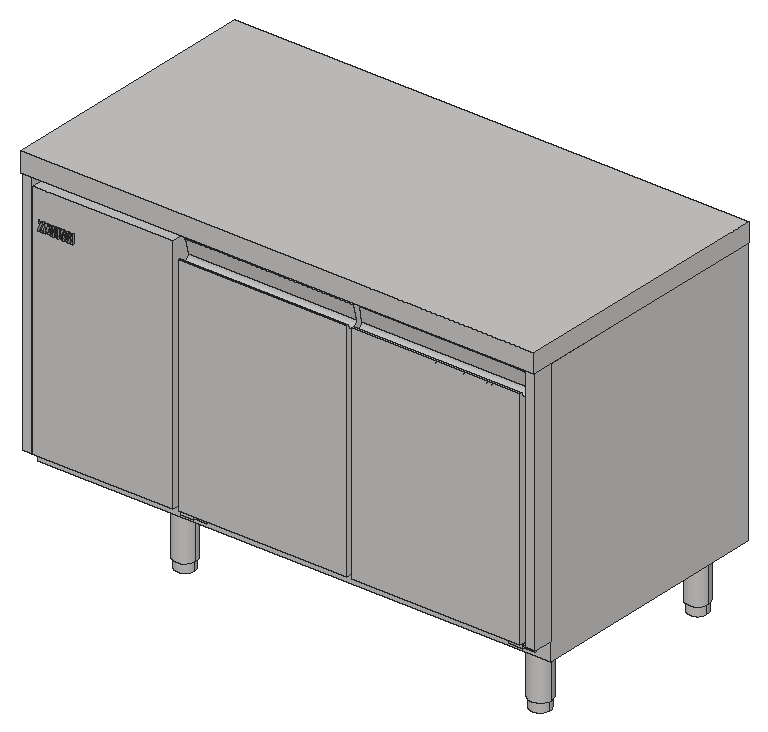
Revit family "QF_ZANUSSI_713060_ZHF2BL", category Attrezzature speciali, Revit 2018 (continued)
Definition of nested family "HPP_ZAN_BI_BT_L"
  Automatic sketch dimensions
    Split face 116 sketch curve to Split face 116 sketch curve = 42 mm
    Split face 116 sketch curve to Extrusion 2 = 48.174 mm
    Split face 116 sketch curve to Split face 116 sketch curve = 4 mm
    Split face 117 sketch curve to Extrusion 2 = 68.044 mm
    Split face 117 sketch curve to Extrusion 2 = 26.044 mm
    Split face 117 sketch curve to Extrusion 2 = 48.174 mm
    Split face 117 sketch curve to Split face 117 sketch curve = 4 mm
    Split face 118 sketch curve to Extrusion 2 = 80.956 mm
    Split face 118 sketch curve to Split face 118 sketch curve = 42 mm
    Split face 118 sketch curve to Extrusion 2 = 48.174 mm
    Split face 118 sketch curve to Split face 118 sketch curve = 4 mm
    Split face 119 sketch curve to Extrusion 2 = 56.174 mm
    Split face 119 sketch curve to Extrusion 2 = 123.044 mm
    Split face 119 sketch curve to Split face 119 sketch curve = 42 mm
    Split face 119 sketch curve to Split face 119 sketch curve = 4 mm
    Split face 120 sketch curve to Extrusion 2 = 25.956 mm
    Split face 120 sketch curve to Split face 120 sketch curve = 42 mm
    Split face 120 sketch curve to Extrusion 2 = 36.174 mm
    Split face 120 sketch curve to Split face 120 sketch curve = 4 mm
    Split face 121 sketch curve to Extrusion 2 = 44.174 mm
    Split face 121 sketch curve to Extrusion 2 = 68.044 mm
    Split face 121 sketch curve to Extrusion 2 = 26.044 mm
    Split face 121 sketch curve to Split face 121 sketch curve = 4 mm
    Split face 122 sketch curve to Extrusion 2 = 44.174 mm
    Split face 122 sketch curve to Extrusion 2 = 80.956 mm
    Split face 122 sketch curve to Split face 122 sketch curve = 42 mm
    Split face 122 sketch curve to Split face 122 sketch curve = 4 mm
    Split face 123 sketch curve to Extrusion 2 = 44.174 mm
    Split face 123 sketch curve to Extrusion 2 = 123.044 mm
    Split face 123 sketch curve to Split face 123 sketch curve = 42 mm
    Split face 123 sketch curve to Split face 123 sketch curve = 4 mm
    Split face 124 sketch curve to Extrusion 2 = 25.956 mm
    Split face 124 sketch curve to Split face 124 sketch curve = 42 mm
    Split face 124 sketch curve to Extrusion 2 = 24.174 mm
    Split face 124 sketch curve to Split face 124 sketch curve = 4 mm
    Split face 125 sketch curve to Extrusion 2 = 32.174 mm
    Split face 125 sketch curve to Extrusion 2 = 68.044 mm
    Split face 125 sketch curve to Extrusion 2 = 26.044 mm
    Split face 125 sketch curve to Split face 125 sketch curve = 4 mm
    Split face 126 sketch curve to Extrusion 2 = 32.174 mm
    Split face 126 sketch curve to Extrusion 2 = 80.956 mm
    Split face 126 sketch curve to Split face 126 sketch curve = 42 mm
    Split face 126 sketch curve to Split face 126 sketch curve = 4 mm
    Split face 127 sketch curve to Extrusion 2 = 32.174 mm
    Split face 127 sketch curve to Extrusion 2 = 123.044 mm
    Split face 127 sketch curve to Split face 127 sketch curve = 42 mm
    Split face 127 sketch curve to Split face 127 sketch curve = 4 mm
    Split face 128 sketch curve to Extrusion 2 = 25.956 mm
    Split face 128 sketch curve to Extrusion 2 = 16.174 mm
    Split face 128 sketch curve to Split face 128 sketch curve = 42 mm
    Split face 128 sketch curve to Split face 128 sketch curve = 4 mm
    Split face 129 sketch curve to Extrusion 2 = 20.174 mm
    Split face 129 sketch curve to Extrusion 2 = 68.044 mm
    Split face 129 sketch curve to Extrusion 2 = 26.044 mm
    Split face 129 sketch curve to Split face 129 sketch curve = 4 mm
    Split face 130 sketch curve to Extrusion 2 = 20.174 mm
    Split face 130 sketch curve to Extrusion 2 = 80.956 mm
    Split face 130 sketch curve to Extrusion 2 = 16.174 mm
    Split face 130 sketch curve to Split face 130 sketch curve = 42 mm
    Split face 131 sketch curve to Extrusion 2 = 20.174 mm
    Split face 131 sketch curve to Extrusion 2 = 123.044 mm
    Split face 131 sketch curve to Extrusion 2 = 16.174 mm
    Split face 131 sketch curve to Split face 131 sketch curve = 42 mm
    plane 4 to Extrusion 3 sketch curve = 17.166 mm
    Extrusion 3 sketch curve to Extrusion 3 sketch curve = 0.562 mm
    Extrusion 3 sketch curve to Extrusion 3 sketch curve = 5.406 mm
    Extrusion 3 sketch curve to Extrusion 3 sketch curve = 6.457 mm
    Extrusion 3 sketch curve to Extrusion 3 sketch curve = 5.755 mm
    Extrusion 3 sketch curve to Extrusion 3 sketch curve = 7.368 mm
    Extrusion 3 sketch curve to Extrusion 3 sketch curve = 0.734 mm
    Extrusion 3 sketch curve to Extrusion 3 sketch curve = 5.086 mm
    Extrusion 3 sketch curve to Extrusion 3 sketch curve = 5.054 mm
    Extrusion 3 sketch curve to Extrusion 3 sketch curve = 0.702 mm  (x4)
    Extrusion 3 sketch curve to Extrusion 3 sketch curve = 0.561 mm
    Extrusion 3 sketch curve to Extrusion 3 sketch curve = 3.369 mm  (x2)
    Extrusion 3 sketch curve to Extrusion 3 sketch curve = 2.807 mm
    Extrusion 3 sketch curve to Extrusion 3 sketch curve = 4.071 mm  (x2)
    Extrusion 3 sketch curve to Extrusion 3 sketch curve = 5.053 mm
    Extrusion 3 sketch curve to Extrusion 3 sketch curve = 5.114 mm
    Extrusion 3 sketch curve to Extrusion 3 sketch curve = 4.352 mm  (x2)
    Extrusion 3 sketch curve to Extrusion 3 sketch curve = 5.194 mm
    Extrusion 3 sketch curve to Extrusion 3 sketch curve = 4.913 mm  (x6)
    Extrusion 3 sketch curve to Extrusion 3 sketch curve = 5.334 mm
    Extrusion 3 sketch curve to Extrusion 3 sketch curve = 1.123 mm
    Extrusion 3 sketch curve to Extrusion 3 sketch curve = 1.444 mm
    Extrusion 3 sketch curve to Extrusion 3 sketch curve = 0.094 mm
    Extrusion 3 sketch curve to Extrusion 3 sketch curve = 2.948 mm
    Extrusion 3 sketch curve to Extrusion 3 sketch curve = 1.825 mm
    Extrusion 3 sketch curve to Extrusion 3 sketch curve = 3.004 mm
    Extrusion 3 sketch curve to Extrusion 3 sketch curve = 4.058 mm  (x2)
    Extrusion 3 sketch curve to Extrusion 3 sketch curve = 2.478 mm  (x2)
    Extrusion 3 sketch curve to Extrusion 3 sketch curve = 0.121 mm  (x4)
    Extrusion 3 sketch curve to Extrusion 3 sketch curve = 1.228 mm  (x2)
    Extrusion 3 sketch curve to Extrusion 3 sketch curve = 2.118 mm  (x2)
    Extrusion 3 sketch curve to Extrusion 3 sketch curve = 1.578 mm  (x2)
    Extrusion 3 sketch curve to Extrusion 3 sketch curve = 0.128 mm  (x2)
    Extrusion 3 sketch curve to Extrusion 3 sketch curve = 0.564 mm  (x2)
    Extrusion 3 sketch curve to Extrusion 3 sketch curve = 0.622 mm  (x2)
    Extrusion 3 sketch curve to Extrusion 3 sketch curve = 0.31 mm  (x2)
    Extrusion 3 sketch curve to Extrusion 3 sketch curve = 1.171 mm  (x2)
    Extrusion 3 sketch curve to Extrusion 3 sketch curve = 0.512 mm  (x2)
    Extrusion 3 sketch curve to Extrusion 3 sketch curve = 0.123 mm  (x2)
    Extrusion 3 sketch curve to Extrusion 3 sketch curve = 0.02 mm  (x2)
    Extrusion 3 sketch curve to Extrusion 3 sketch curve = 1.774 mm  (x2)
    Extrusion 3 sketch curve to Extrusion 3 sketch curve = 1.52 mm
    Extrusion 3 sketch curve to Extrusion 3 sketch curve = 1.351 mm
    Extrusion 3 sketch curve to Extrusion 3 sketch curve = 4.632 mm  (x3)
    Extrusion 3 sketch curve to Extrusion 3 sketch curve = 0.076 mm  (x2)
    Extrusion 3 sketch curve to Extrusion 3 sketch curve = 3.79 mm
    Extrusion 3 sketch curve to Extrusion 3 sketch curve = 0.099 mm
    Extrusion 3 sketch curve to Extrusion 3 sketch curve = 1.668 mm
    Extrusion 3 sketch curve to Extrusion 3 sketch curve = 2.203 mm
    Extrusion 3 sketch curve to Extrusion 3 sketch curve = 2.87 mm
    Extrusion 3 sketch curve to Extrusion 3 sketch curve = 0.944 mm
    Extrusion 3 sketch curve to Extrusion 3 sketch curve = 5.408 mm
    Extrusion 3 sketch curve to Extrusion 3 sketch curve = 0.724 mm
    Extrusion 3 sketch curve to plane 6 = 98.623 mm
    Extrusion 3 sketch curve to Extrusion 3 sketch curve = 0 mm  (x13)
    Extrusion 3 sketch curve to Extrusion 3 sketch curve = 3.713 mm
    Extrusion 3 sketch curve to Extrusion 3 sketch curve = 1.341 mm
    Extrusion 3 sketch curve to Extrusion 3 sketch curve = 0.181 mm
    Extrusion 3 sketch curve to Extrusion 3 sketch curve = 2.372 mm  (x2)
    Extrusion 3 sketch curve to Extrusion 3 sketch curve = 0.043 mm  (x2)
    Extrusion 3 sketch curve to Extrusion 3 sketch curve = 0.08 mm  (x2)
    Extrusion 3 sketch curve to Extrusion 3 sketch curve = 6.582 mm
    Extrusion 3 sketch curve to Extrusion 3 sketch curve = 2.869 mm
    Extrusion 3 sketch curve to Extrusion 3 sketch curve = 0.739 mm  (x2)
    Extrusion 3 sketch curve to Extrusion 3 sketch curve = 1.344 mm  (x2)
    Extrusion 3 sketch curve to Extrusion 3 sketch curve = 0.997 mm
    Extrusion 3 sketch curve to Extrusion 3 sketch curve = 1.644 mm
    Extrusion 3 sketch curve to Extrusion 3 sketch curve = 1.841 mm
    Extrusion 3 sketch curve to Extrusion 3 sketch curve = 0.915 mm
    Extrusion 3 sketch curve to Extrusion 3 sketch curve = 2.767 mm
    Extrusion 3 sketch curve to Extrusion 3 sketch curve = 1.036 mm  (x2)
    Extrusion 3 sketch curve to Extrusion 3 sketch curve = 1.835 mm  (x2)
    Extrusion 3 sketch curve to Extrusion 3 sketch curve = 3.155 mm
    Extrusion 3 sketch curve to Extrusion 3 sketch curve = 4.449 mm
    Extrusion 3 sketch curve to Extrusion 3 sketch curve = 7.159 mm
    Extrusion 3 sketch curve to Extrusion 3 sketch curve = 4.846 mm  (x2)
    Extrusion 3 sketch curve to Extrusion 3 sketch curve = 5.13 mm
    Extrusion 3 sketch curve to Extrusion 3 sketch curve = 0.393 mm  (x2)
    Extrusion 3 sketch curve to Extrusion 3 sketch curve = 1.409 mm  (x2)
    Extrusion 3 sketch curve to Extrusion 3 sketch curve = 2.182 mm  (x2)
    Extrusion 3 sketch curve to Extrusion 3 sketch curve = 0.905 mm  (x2)
    Extrusion 3 sketch curve to Extrusion 3 sketch curve = 1.201 mm  (x2)
    Extrusion 3 sketch curve to Extrusion 3 sketch curve = 0.022 mm  (x2)
    Extrusion 3 sketch curve to Extrusion 3 sketch curve = 0.182 mm  (x2)
    Extrusion 3 sketch curve to Extrusion 3 sketch curve = 14.599 mm
    Extrusion 3 sketch curve to Extrusion 3 sketch curve = 0.14 mm
    Extrusion 3 sketch curve to Extrusion 3 sketch curve = 10.917 mm
    Extrusion 3 sketch curve to Extrusion 3 sketch curve = 0.281 mm
    Extrusion 3 sketch curve to Extrusion 3 sketch curve = 0.45 mm  (x2)
    Extrusion 3 sketch curve to Extrusion 3 sketch curve = 8.142 mm
    Extrusion 3 sketch curve to Extrusion 3 sketch curve = 4.492 mm
    Extrusion 3 sketch curve to Extrusion 3 sketch curve = 0.593 mm
    Extrusion 3 sketch curve to Extrusion 3 sketch curve = 4.345 mm
    Extrusion 3 sketch curve to Extrusion 3 sketch curve = 0.9 mm  (x2)
    Extrusion 3 sketch curve to Extrusion 3 sketch curve = 3.017 mm
    Extrusion 3 sketch curve to Extrusion 3 sketch curve = 0.952 mm  (x2)
    Extrusion 3 sketch curve to Extrusion 3 sketch curve = 1.658 mm
    Extrusion 3 sketch curve to Extrusion 3 sketch curve = 1.516 mm
    Split face 132 sketch curve to Extrusion 2 = 44.591 mm
    Split face 132 sketch curve to Extrusion 2 = 79.124 mm
    Split face 132 sketch curve to Split face 132 sketch curve = 36.471 mm
    Split face 132 sketch curve to Split face 132 sketch curve = 29.3 mm
    Split face 132 sketch curve to Split face 132 sketch curve = 19.479 mm
    Split face 132 sketch curve to Split face 132 sketch curve = 15.459 mm
    Split face 132 sketch curve to Split face 132 sketch curve = 0 mm
    Split face 132 sketch curve to Split face 132 sketch curve = 17.186 mm
    Split face 133 sketch curve to Extrusion 2 = 49.463 mm
    Split face 133 sketch curve to Extrusion 2 = 79.643 mm
    Split face 133 sketch curve to Split face 133 sketch curve = 36.278 mm
    Split face 133 sketch curve to Split face 133 sketch curve = 25.875 mm
    Split face 133 sketch curve to Split face 133 sketch curve = 7.776 mm
    Split face 133 sketch curve to Split face 133 sketch curve = 17.461 mm
    Split face 133 sketch curve to Split face 133 sketch curve = 0 mm
    Split face 133 sketch curve to Split face 133 sketch curve = 18.204 mm
    Split face 134 sketch curve to Extrusion 2 = 55.5 mm
    Split face 134 sketch curve to Split face 134 sketch curve = 7.5 mm  (x2)
    Split face 134 sketch curve to Extrusion 2 = 85.5 mm
    Split face 135 sketch curve to Extrusion 2 = 65 mm
    Split face 135 sketch curve to Split face 135 sketch curve = 7.5 mm  (x2)
    Split face 135 sketch curve to Extrusion 2 = 85.5 mm
    Split face 136 sketch curve to Extrusion 2 = 65 mm
    Split face 136 sketch curve to Split face 136 sketch curve = 7.5 mm  (x2)
    Split face 136 sketch curve to Extrusion 2 = 95 mm
    Split face 137 sketch curve to Extrusion 2 = 55.5 mm
    Split face 137 sketch curve to Split face 137 sketch curve = 7.5 mm  (x2)
    Split face 137 sketch curve to Extrusion 2 = 95 mm
    Split face 138 sketch curve to Extrusion 2 = 178.044 mm
    Split face 138 sketch curve to Split face 138 sketch curve = 42 mm
    Split face 138 sketch curve to Extrusion 2 = 128.176 mm
    Split face 138 sketch curve to Split face 138 sketch curve = 4 mm
    Split face 139 sketch curve to Extrusion 2 = 178.044 mm
    Split face 139 sketch curve to Split face 139 sketch curve = 42 mm
    Split face 139 sketch curve to Extrusion 2 = 140.176 mm
    Split face 139 sketch curve to Split face 139 sketch curve = 4 mm
    Split face 140 sketch curve to Extrusion 2 = 178.044 mm
    Split face 140 sketch curve to Split face 140 sketch curve = 42 mm
    Split face 140 sketch curve to Extrusion 2 = 152.176 mm
    Split face 140 sketch curve to Split face 140 sketch curve = 4 mm
    Split face 141 sketch curve to Extrusion 2 = 178.044 mm
    Split face 141 sketch curve to Split face 141 sketch curve = 42 mm
    Split face 141 sketch curve to Extrusion 2 = 164.176 mm
    Split face 141 sketch curve to Split face 141 sketch curve = 4 mm
    Split face 142 sketch curve to Extrusion 2 = 178.044 mm
    Split face 142 sketch curve to Split face 142 sketch curve = 42 mm
    Split face 142 sketch curve to Extrusion 2 = 176.176 mm
    Split face 142 sketch curve to Split face 142 sketch curve = 4 mm
    Split face 143 sketch curve to Extrusion 2 = 178.044 mm
    Split face 143 sketch curve to Split face 143 sketch curve = 42 mm
    Split face 143 sketch curve to Extrusion 2 = 188.176 mm
    Split face 143 sketch curve to Split face 143 sketch curve = 4 mm
    Split face 144 sketch curve to Extrusion 2 = 178.044 mm
    Split face 144 sketch curve to Split face 144 sketch curve = 42 mm
    Split face 144 sketch curve to Extrusion 2 = 200.176 mm
    Split face 144 sketch curve to Split face 144 sketch curve = 4 mm
    Split face 145 sketch curve to Extrusion 2 = 178.044 mm
    Split face 145 sketch curve to Split face 145 sketch curve = 42 mm
    Split face 145 sketch curve to Extrusion 2 = 212.176 mm
    Split face 145 sketch curve to Split face 145 sketch curve = 4 mm
    Split face 146 sketch curve to Extrusion 2 = 178.044 mm
    Split face 146 sketch curve to Split face 146 sketch curve = 42 mm
    Split face 146 sketch curve to Extrusion 2 = 224.176 mm
    Split face 146 sketch curve to Split face 146 sketch curve = 4 mm
    Split face 147 sketch curve to Extrusion 2 = 178.044 mm
    Split face 147 sketch curve to Split face 147 sketch curve = 42 mm
    Split face 147 sketch curve to Extrusion 2 = 236.176 mm
    Split face 147 sketch curve to Split face 147 sketch curve = 4 mm
    Split face 148 sketch curve to Extrusion 2 = 178.044 mm
    Split face 148 sketch curve to Split face 148 sketch curve = 42 mm
    Split face 148 sketch curve to Extrusion 2 = 248.176 mm
    Split face 148 sketch curve to Split face 148 sketch curve = 4 mm
    Split face 149 sketch curve to Extrusion 2 = 178.044 mm
    Split face 149 sketch curve to Split face 149 sketch curve = 42 mm
    Split face 149 sketch curve to Extrusion 2 = 260.176 mm
    Split face 149 sketch curve to Split face 149 sketch curve = 4 mm
    Split face 150 sketch curve to Extrusion 2 = 178.044 mm
    Split face 150 sketch curve to Split face 150 sketch curve = 42 mm
    Split face 150 sketch curve to Extrusion 2 = 272.176 mm
    Split face 150 sketch curve to Split face 150 sketch curve = 4 mm
    Split face 151 sketch curve to Extrusion 2 = 178.044 mm
    Split face 151 sketch curve to Split face 151 sketch curve = 42 mm
    Split face 151 sketch curve to Extrusion 2 = 284.176 mm
    Split face 151 sketch curve to Split face 151 sketch curve = 4 mm
    Split face 152 sketch curve to Extrusion 2 = 178.044 mm
    Split face 152 sketch curve to Split face 152 sketch curve = 42 mm
    Split face 152 sketch curve to Extrusion 2 = 296.176 mm
    Split face 152 sketch curve to Split face 152 sketch curve = 4 mm
    Split face 153 sketch curve to Extrusion 2 = 178.044 mm
    Split face 153 sketch curve to Split face 153 sketch curve = 42 mm
    Split face 153 sketch curve to Extrusion 2 = 308.176 mm
    Split face 153 sketch curve to Split face 153 sketch curve = 4 mm
    Split face 154 sketch curve to Extrusion 2 = 178.044 mm
    Split face 154 sketch curve to Split face 154 sketch curve = 42 mm
    Split face 154 sketch curve to Extrusion 2 = 192.174 mm
    Split face 154 sketch curve to Split face 154 sketch curve = 4 mm
    Split face 155 sketch curve to Extrusion 2 = 178.044 mm
    Split face 155 sketch curve to Split face 155 sketch curve = 42 mm
    Split face 155 sketch curve to Extrusion 2 = 180.174 mm
    Split face 155 sketch curve to Split face 155 sketch curve = 4 mm
    Split face 156 sketch curve to Extrusion 2 = 178.044 mm
    Split face 156 sketch curve to Split face 156 sketch curve = 42 mm
    Split face 156 sketch curve to Extrusion 2 = 168.174 mm
    Split face 156 sketch curve to Split face 156 sketch curve = 4 mm
    Split face 157 sketch curve to Extrusion 2 = 178.044 mm
    Split face 157 sketch curve to Split face 157 sketch curve = 42 mm
    Split face 157 sketch curve to Extrusion 2 = 156.174 mm
    Split face 157 sketch curve to Split face 157 sketch curve = 4 mm
    Split face 158 sketch curve to Extrusion 2 = 178.044 mm
    Split face 158 sketch curve to Split face 158 sketch curve = 42 mm
    Split face 158 sketch curve to Extrusion 2 = 144.174 mm
    Split face 158 sketch curve to Split face 158 sketch curve = 4 mm
    Split face 159 sketch curve to Extrusion 2 = 178.044 mm
    Split face 159 sketch curve to Split face 159 sketch curve = 42 mm
    Split face 159 sketch curve to Extrusion 2 = 132.174 mm
    Split face 159 sketch curve to Split face 159 sketch curve = 4 mm
    Split face 160 sketch curve to Extrusion 2 = 178.044 mm
    Split face 160 sketch curve to Split face 160 sketch curve = 42 mm
    Split face 160 sketch curve to Extrusion 2 = 120.174 mm
    Split face 160 sketch curve to Split face 160 sketch curve = 4 mm
    Split face 161 sketch curve to Extrusion 2 = 116.174 mm
    Split face 161 sketch curve to Extrusion 2 = 178.044 mm
    Split face 161 sketch curve to Split face 161 sketch curve = 42 mm
    Split face 161 sketch curve to Split face 161 sketch curve = 4 mm
    Split face 162 sketch curve to Extrusion 2 = 104.174 mm
    Split face 162 sketch curve to Extrusion 2 = 178.044 mm
    Split face 162 sketch curve to Split face 162 sketch curve = 42 mm
    Split face 162 sketch curve to Split face 162 sketch curve = 4 mm
    Split face 163 sketch curve to Extrusion 2 = 92.174 mm
    Split face 163 sketch curve to Extrusion 2 = 178.044 mm
    Split face 163 sketch curve to Split face 163 sketch curve = 42 mm
    Split face 163 sketch curve to Split face 163 sketch curve = 4 mm
    Split face 164 sketch curve to Extrusion 2 = 80.174 mm
    Split face 164 sketch curve to Extrusion 2 = 178.044 mm
    Split face 164 sketch curve to Split face 164 sketch curve = 42 mm
    Split face 164 sketch curve to Split face 164 sketch curve = 4 mm
    Split face 165 sketch curve to Extrusion 2 = 68.174 mm
    Split face 165 sketch curve to Extrusion 2 = 178.044 mm
    Split face 165 sketch curve to Split face 165 sketch curve = 42 mm
    Split face 165 sketch curve to Split face 165 sketch curve = 4 mm
    Split face 166 sketch curve to Extrusion 2 = 56.174 mm
    Split face 166 sketch curve to Extrusion 2 = 178.044 mm
    Split face 166 sketch curve to Split face 166 sketch curve = 42 mm
    Split face 166 sketch curve to Split face 166 sketch curve = 4 mm
    Split face 167 sketch curve to Extrusion 2 = 44.174 mm
    Split face 167 sketch curve to Extrusion 2 = 178.044 mm
    Split face 167 sketch curve to Split face 167 sketch curve = 42 mm
    Split face 167 sketch curve to Split face 167 sketch curve = 4 mm
    Split face 168 sketch curve to Extrusion 2 = 32.174 mm
    Split face 168 sketch curve to Extrusion 2 = 178.044 mm
    Split face 168 sketch curve to Split face 168 sketch curve = 42 mm
    Split face 168 sketch curve to Split face 168 sketch curve = 4 mm
    Split face 169 sketch curve to Extrusion 2 = 20.174 mm
    Split face 169 sketch curve to Extrusion 2 = 178.044 mm
    Split face 169 sketch curve to Extrusion 2 = 16.174 mm
    Split face 169 sketch curve to Split face 169 sketch curve = 42 mm
    Split face 170 sketch curve to Extrusion 2 = 135.956 mm
    Split face 170 sketch curve to Split face 170 sketch curve = 42 mm
    Split face 170 sketch curve to Extrusion 2 = 128.176 mm
    Split face 170 sketch curve to Split face 170 sketch curve = 4 mm
    Split face 171 sketch curve to Extrusion 2 = 135.956 mm
    Split face 171 sketch curve to Split face 171 sketch curve = 42 mm
    Split face 171 sketch curve to Extrusion 2 = 140.176 mm
    Split face 171 sketch curve to Split face 171 sketch curve = 4 mm
    Split face 172 sketch curve to Extrusion 2 = 135.956 mm
    Split face 172 sketch curve to Split face 172 sketch curve = 42 mm
    Split face 172 sketch curve to Extrusion 2 = 152.176 mm
    Split face 172 sketch curve to Split face 172 sketch curve = 4 mm
    Split face 173 sketch curve to Extrusion 2 = 135.956 mm
    Split face 173 sketch curve to Split face 173 sketch curve = 42 mm
    Split face 173 sketch curve to Extrusion 2 = 164.176 mm
    Split face 173 sketch curve to Split face 173 sketch curve = 4 mm
    Split face 174 sketch curve to Extrusion 2 = 135.956 mm
    Split face 174 sketch curve to Split face 174 sketch curve = 42 mm
    Split face 174 sketch curve to Extrusion 2 = 176.176 mm
    Split face 174 sketch curve to Split face 174 sketch curve = 4 mm
    Split face 175 sketch curve to Extrusion 2 = 135.956 mm
    Split face 175 sketch curve to Split face 175 sketch curve = 42 mm
    Split face 175 sketch curve to Extrusion 2 = 188.176 mm
    Split face 175 sketch curve to Split face 175 sketch curve = 4 mm
    Split face 176 sketch curve to Extrusion 2 = 135.956 mm
    Split face 176 sketch curve to Split face 176 sketch curve = 42 mm
    Split face 176 sketch curve to Extrusion 2 = 200.176 mm
    Split face 176 sketch curve to Split face 176 sketch curve = 4 mm
    Split face 177 sketch curve to Extrusion 2 = 135.956 mm
    Split face 177 sketch curve to Split face 177 sketch curve = 42 mm
    Split face 177 sketch curve to Extrusion 2 = 212.176 mm
    Split face 177 sketch curve to Split face 177 sketch curve = 4 mm
    Split face 178 sketch curve to Extrusion 2 = 135.956 mm
    Split face 178 sketch curve to Split face 178 sketch curve = 42 mm
    Split face 178 sketch curve to Extrusion 2 = 224.176 mm
    Split face 178 sketch curve to Split face 178 sketch curve = 4 mm
    Split face 179 sketch curve to Extrusion 2 = 135.956 mm
    Split face 179 sketch curve to Split face 179 sketch curve = 42 mm
    Split face 179 sketch curve to Extrusion 2 = 236.176 mm
    Split face 179 sketch curve to Split face 179 sketch curve = 4 mm
    Split face 180 sketch curve to Extrusion 2 = 135.956 mm
    Split face 180 sketch curve to Split face 180 sketch curve = 42 mm
    Split face 180 sketch curve to Extrusion 2 = 248.176 mm
    Split face 180 sketch curve to Split face 180 sketch curve = 4 mm
    Split face 181 sketch curve to Extrusion 2 = 135.956 mm
    Split face 181 sketch curve to Split face 181 sketch curve = 42 mm
    Split face 181 sketch curve to Extrusion 2 = 260.176 mm
    Split face 181 sketch curve to Split face 181 sketch curve = 4 mm
    Split face 182 sketch curve to Extrusion 2 = 135.956 mm
    Split face 182 sketch curve to Split face 182 sketch curve = 42 mm
    Split face 182 sketch curve to Extrusion 2 = 272.176 mm
    Split face 182 sketch curve to Split face 182 sketch curve = 4 mm
    Split face 183 sketch curve to Extrusion 2 = 135.956 mm
    Split face 183 sketch curve to Split face 183 sketch curve = 42 mm
    Split face 183 sketch curve to Extrusion 2 = 284.176 mm
    Split face 183 sketch curve to Split face 183 sketch curve = 4 mm
    Split face 184 sketch curve to Extrusion 2 = 135.956 mm
    Split face 184 sketch curve to Split face 184 sketch curve = 42 mm
    Split face 184 sketch curve to Extrusion 2 = 296.176 mm
    Split face 184 sketch curve to Split face 184 sketch curve = 4 mm
    Split face 185 sketch curve to Extrusion 2 = 135.956 mm
    Split face 185 sketch curve to Split face 185 sketch curve = 42 mm
    Split face 185 sketch curve to Extrusion 2 = 308.176 mm
    Split face 185 sketch curve to Split face 185 sketch curve = 4 mm
    Split face 186 sketch curve to Extrusion 2 = 135.956 mm
    Split face 186 sketch curve to Split face 186 sketch curve = 42 mm
    Split face 186 sketch curve to Extrusion 2 = 192.174 mm
    Split face 186 sketch curve to Split face 186 sketch curve = 4 mm
    Split face 187 sketch curve to Extrusion 2 = 135.956 mm
    Split face 187 sketch curve to Split face 187 sketch curve = 42 mm
    Split face 187 sketch curve to Extrusion 2 = 180.174 mm
    Split face 187 sketch curve to Split face 187 sketch curve = 4 mm
    Split face 188 sketch curve to Extrusion 2 = 135.956 mm
    Split face 188 sketch curve to Split face 188 sketch curve = 42 mm
    Split face 188 sketch curve to Extrusion 2 = 168.174 mm
    Split face 188 sketch curve to Split face 188 sketch curve = 4 mm
    Split face 189 sketch curve to Extrusion 2 = 135.956 mm
    Split face 189 sketch curve to Split face 189 sketch curve = 42 mm
    Split face 189 sketch curve to Extrusion 2 = 156.174 mm
    Split face 189 sketch curve to Split face 189 sketch curve = 4 mm
    Split face 190 sketch curve to Extrusion 2 = 135.956 mm
    Split face 190 sketch curve to Split face 190 sketch curve = 42 mm
    Split face 190 sketch curve to Extrusion 2 = 144.174 mm
    Split face 190 sketch curve to Split face 190 sketch curve = 4 mm
    Split face 191 sketch curve to Extrusion 2 = 135.956 mm
    Split face 191 sketch curve to Split face 191 sketch curve = 42 mm
    Split face 191 sketch curve to Extrusion 2 = 132.174 mm
    Split face 191 sketch curve to Split face 191 sketch curve = 4 mm
    Split face 192 sketch curve to Extrusion 2 = 135.956 mm
    Split face 192 sketch curve to Split face 192 sketch curve = 42 mm
    Split face 192 sketch curve to Extrusion 2 = 120.174 mm
    Split face 192 sketch curve to Split face 192 sketch curve = 4 mm
    Split face 193 sketch curve to Extrusion 2 = 135.956 mm
    Split face 193 sketch curve to Split face 193 sketch curve = 42 mm
    Split face 193 sketch curve to Extrusion 2 = 108.174 mm
    Split face 193 sketch curve to Split face 193 sketch curve = 4 mm
    Split face 194 sketch curve to Extrusion 2 = 135.956 mm
    Split face 194 sketch curve to Split face 194 sketch curve = 42 mm
    Split face 194 sketch curve to Extrusion 2 = 96.174 mm
    Split face 194 sketch curve to Split face 194 sketch curve = 4 mm
    Split face 195 sketch curve to Extrusion 2 = 135.956 mm
    Split face 195 sketch curve to Split face 195 sketch curve = 42 mm
    Split face 195 sketch curve to Extrusion 2 = 84.174 mm
    Split face 195 sketch curve to Split face 195 sketch curve = 4 mm
    Split face 196 sketch curve to Extrusion 2 = 80.174 mm
    Split face 196 sketch curve to Extrusion 2 = 135.956 mm
    Split face 196 sketch curve to Split face 196 sketch curve = 42 mm
    Split face 196 sketch curve to Split face 196 sketch curve = 4 mm
    Split face 197 sketch curve to Extrusion 2 = 68.174 mm
    Split face 197 sketch curve to Extrusion 2 = 135.956 mm
    Split face 197 sketch curve to Split face 197 sketch curve = 42 mm
    Split face 197 sketch curve to Split face 197 sketch curve = 4 mm
    Split face 198 sketch curve to Extrusion 2 = 56.174 mm
    Split face 198 sketch curve to Extrusion 2 = 135.956 mm
    Split face 198 sketch curve to Split face 198 sketch curve = 42 mm
    Split face 198 sketch curve to Split face 198 sketch curve = 4 mm
    Split face 199 sketch curve to Extrusion 2 = 44.174 mm
    Split face 199 sketch curve to Extrusion 2 = 135.956 mm
    Split face 199 sketch curve to Split face 199 sketch curve = 42 mm
    Split face 199 sketch curve to Split face 199 sketch curve = 4 mm
    Split face 200 sketch curve to Extrusion 2 = 32.174 mm
    Split face 200 sketch curve to Extrusion 2 = 135.956 mm
    Split face 200 sketch curve to Split face 200 sketch curve = 42 mm
    Split face 200 sketch curve to Split face 200 sketch curve = 4 mm
    Split face 201 sketch curve to Extrusion 2 = 20.174 mm
    Split face 201 sketch curve to Extrusion 2 = 135.956 mm
    Split face 201 sketch curve to Extrusion 2 = 16.174 mm
    Split face 201 sketch curve to Split face 201 sketch curve = 42 mm
Definition of nested family "HPP_ZAN_SD_L"
  Parameters
    Show Clearance [instance] = yes
    Default Elevation = 1219.2 mm
  Reference planes
    plane 1 "Center (Front/Back)": y = 0
    plane 2: z = 0
    plane 3 "Center (Left/Right)": x = 0
    plane 4: x = -234
    plane 5: x = 234
  Forms (mm)
    Extrusion 1, solid
      sketch origin (0, 0, 0) x (1, 0, 0) y (0, 1, 0)
        loop
          line (-1219.2, 1219.2) -> (-1219.2, -1219.2) -> (1219.2, -1219.2) -> (1219.2, 1219.2) -> (-1219.2, 1219.2)
      from 0 to -304.8
    Extrusion 2, solid
      sketch origin (0, 0, -3) x (0, 1, 0) y (0, 0, 1)
        loop
          line (-314, 53) -> (-314, 3) -> (314, 3) -> (314, 29) -> (274.395, 20)
          arc (274.395, 20) -> (260.396, 33.803) -> (274, 47.994) r 14
          line (274, 47.994) -> (274, 53) -> (-314, 53)
      from -220 to 220
    Extrusion 3, solid
      sketch origin (0, 0, 0) x (0, 1, 0) y (0, 0, -1)
        loop
          line (-323.003, -40.312) -> (-323.003, -12.259) -> (-323.003, 0) -> (-351.511, 0) -> (-351.511, -2.5) -> (-325.503, -2.5) -> (-325.503, -42.812) -> (-316.501, -42.812) -> (-316.501, -40.312) -> (-323.003, -40.312)
        loop
          line (-314, -38.311) -> (-314, -11.804) -> (-319.752, -11.804) -> (-319.752, -14.304) -> (-316.501, -14.304) -> (-316.501, -38.311) -> (-314, -38.311)
        loop
          line (315.003, -27.948) -> (317.503, -27.948) -> (317.503, -2.5) -> (327.503, -2.5) -> (327.503, 0) -> (315.003, 0) -> (315.003, -2.948) -> (315.003, -27.948)
      from 185 to 220
    Extrusion 4, solid, visible <- "Show Clearance", detail levels coarse
      sketch origin (0, 0, -3) x (-1, 0, 0) y (0, 0, -1)
        loop
          line (220, -53) -> (-220, -53)
          arc (-220, -53) -> (-79.636, -340.04) -> (220, -451) r 430
          line (220, -451) -> (220, -53)
      from -314 to 314
  Lines and regions (mm)
    symbolic lines
      curve 1: arc (219.599, 0, 55) -> (95.934, 0, 321.503) -> (-170, 0, 446.39) r 430
      curve 2: line (-220, 0, 55) -> (-220, 0, 448)
      curve 3: line (-170, 0, 55) -> (-170, 0, 448)
      curve 4: line (-220, 0, 448) -> (-170, 0, 448)
  Dimensions and locks
    plane 4 to plane 3 "Center (Left/Right)" to plane 5 = 234 mm locked, 234 mm locked
    aligned and locked: plane 2 to Extrusion 1
    aligned and locked: level to Extrusion 1
Definition of nested family "HPP_ZAN_SD_R"
  Parameters
    Show Clearance [instance] = yes
    Default Elevation = 1219.2 mm
  Reference planes
    plane 1 "Center (Front/Back)": y = 0
    plane 2: z = 0
    plane 3 "Center (Left/Right)": x = 0
    plane 4: x = -234
    plane 5: x = 234
  Forms (mm)
    Extrusion 1, solid
      sketch origin (0, 0, 0) x (1, 0, 0) y (0, 1, 0)
        loop
          line (-1219.2, 1219.2) -> (-1219.2, -1219.2) -> (1219.2, -1219.2) -> (1219.2, 1219.2) -> (-1219.2, 1219.2)
      from 0 to -304.8
    Extrusion 2, solid
      sketch origin (0, 0, -3) x (0, 1, 0) y (0, 0, -1)
        loop
          line (-314, -53) -> (274, -53) -> (274, -47.994)
          arc (274, -47.994) -> (260.396, -33.803) -> (274.395, -20) r 14
          line (274.395, -20) -> (314, -29) -> (314, -3) -> (-314, -3) -> (-314, -53)
      from -220 to 220
    Extrusion 3, solid
      sketch origin (0, 0, 0) x (0, 1, 0) y (0, 0, 1)
        loop
          line (-323.003, 40.312) -> (-316.501, 40.312) -> (-316.501, 42.812) -> (-325.503, 42.812) -> (-325.503, 2.5) -> (-351.511, 2.5) -> (-351.511, 0) -> (-323.003, 0) -> (-323.003, 12.259) -> (-323.003, 40.312)
        loop
          line (-314, 38.311) -> (-316.501, 38.311) -> (-316.501, 14.304) -> (-319.752, 14.304) -> (-319.752, 11.804) -> (-314, 11.804) -> (-314, 38.311)
        loop
          line (315.003, 27.948) -> (315.003, 2.948) -> (315.003, 0) -> (327.503, 0) -> (327.503, 2.5) -> (317.503, 2.5) -> (317.503, 27.948) -> (315.003, 27.948)
      from 185 to 220
    Extrusion 4, solid, visible <- "Show Clearance", detail levels coarse
      sketch origin (0, 0, -3) x (1, 0, 0) y (0, 0, 1)
        loop
          line (220, 53) -> (220, 451)
          arc (220, 451) -> (-79.636, 340.04) -> (-220, 53) r 430
          line (-220, 53) -> (220, 53)
      from -314 to 314
  Lines and regions (mm)
    symbolic lines
      curve 1: arc (-219.599, 0, 55) -> (-95.934, 0, 321.503) -> (170, 0, 446.39) r 430
      curve 2: line (220, 0, 55) -> (220, 0, 448)
      curve 3: line (170, 0, 55) -> (170, 0, 448)
      curve 4: line (220, 0, 448) -> (170, 0, 448)
  Dimensions and locks
    plane 4 to plane 3 "Center (Left/Right)" to plane 5 = 234 mm locked, 234 mm locked
    aligned and locked: plane 2 to Extrusion 1
    aligned and locked: level to Extrusion 1
Definition of nested family "HPP_Freezer"
  Reference planes
    plane 1 "Center (Front/Back)": y = 0
    plane 2: z = 0
    plane 3 "Center (Left/Right)": x = 0
  Lines and regions (mm)
    detail lines, in view "Ref. Level"
      curve 1: spline (-500, 190, 0) -> (-493.185, 166.706, 0) -> (-473.205, 145, 0) -> (-441.421, 126.36, 0) -> (-400, 112.058, 0) -> (-351.764, 103.067, 0) -> (-300, 100, 0) -> (-248.236, 103.067, 0) -> (-200, 112.058, 0) -> (-158.579, 126.36, 0) -> (-126.795, 145, 0) -> (-106.815, 166.706, 0) -> (-100, 190, 0) -> (-106.815, 213.294, 0) -> (-126.795, 235, 0) -> (-158.579, 253.64, 0) -> (-200, 267.942, 0) -> (-248.236, 276.933, 0) -> (-300, 280, 0) -> (-351.764, 276.933, 0) -> (-400, 267.942, 0) -> (-441.421, 253.64, 0) -> (-473.205, 235, 0) -> (-493.185, 213.294, 0) -> (-500, 190, 0)
      curve 2: line (-220, 130, 0) -> (-220, 250, 0)
      curve 3: line (-271.962, 220, 0) -> (-168.038, 160, 0)
      curve 4: line (-271.962, 160, 0) -> (-168.038, 220, 0)
      curve 5: line (-200.884, 246.873, 0) -> (-220, 225, 0)
      curve 6: line (-220, 225, 0) -> (-239.116, 246.873, 0)
      curve 7: line (-250.311, 207.5, 0) -> (-260, 235.883, 0)
      curve 8: line (-279.736, 201.7, 0) -> (-250.311, 207.5, 0)
      curve 9: line (-250.311, 172.5, 0) -> (-279.736, 178.3, 0)
      curve 10: line (-260, 144.117, 0) -> (-250.311, 172.5, 0)
      curve 11: line (-220, 155, 0) -> (-239.116, 133.127, 0)
      curve 12: line (-200.884, 133.127, 0) -> (-220, 155, 0)
      curve 13: line (-189.689, 172.5, 0) -> (-180.304, 145.008, 0)
      curve 14: line (-161.188, 178.118, 0) -> (-189.689, 172.5, 0)
      curve 15: line (-189.689, 207.5, 0) -> (-161.188, 201.882, 0)
      curve 16: line (-180.304, 234.992, 0) -> (-189.689, 207.5, 0)
      curve 17: line (-380, 130, 0) -> (-380, 250, 0)
      curve 18: line (-431.962, 220, 0) -> (-328.038, 160, 0)
      curve 19: line (-431.962, 160, 0) -> (-328.038, 220, 0)
      curve 20: line (-360.884, 246.873, 0) -> (-380, 225, 0)
      curve 21: line (-380, 225, 0) -> (-399.116, 246.873, 0)
      curve 22: line (-410.311, 207.5, 0) -> (-419.696, 234.992, 0)
      curve 23: line (-438.812, 201.882, 0) -> (-410.311, 207.5, 0)
      curve 24: line (-410.311, 172.5, 0) -> (-438.812, 178.118, 0)
      curve 25: line (-419.696, 145.008, 0) -> (-410.311, 172.5, 0)
      curve 26: line (-380, 155, 0) -> (-399.116, 133.127, 0)
      curve 27: line (-360.884, 133.127, 0) -> (-380, 155, 0)
      curve 28: line (-349.689, 172.5, 0) -> (-340, 144.117, 0)
      curve 29: line (-320.264, 178.3, 0) -> (-349.689, 172.5, 0)
      curve 30: line (-349.689, 207.5, 0) -> (-320.264, 201.7, 0)
      curve 31: line (-340, 235.883, 0) -> (-349.689, 207.5, 0)
Types (2, lengths in mm): name | URL | Produttore | Phase | Modello | Descrizione
  (no name) | 0 | 0 | 0 | 0 | 0
  Standard | "http://www.zanussiprofessional.com" | "Zanussi" | 1 | "ZHF2BL" | "FREEZ.COUNTER 290L 2xDOOR CU_LFT A304"
